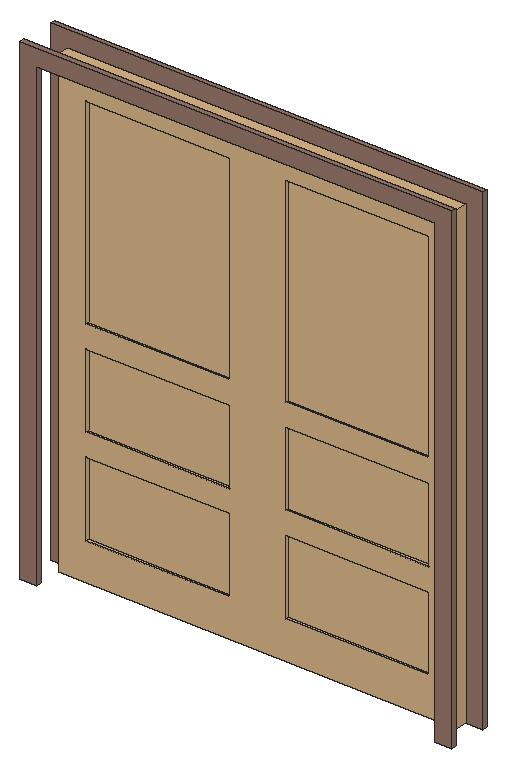
Revit family
Parameters (values of type "1830 x 2134mm")
  Thickness = 51.00 mm
  문 재료 = 문 - 패널
  프레임 재료 = 문 - 프레임
  Height = 2134.00 mm
  난간 폭-중심 = 102.00 mm
  상단 패널 = 915.00 mm
  자르기 투영 외부 = 25.00 mm
  자르기 투영 내부 = 25.00 mm
  자르기 폭 = 76.00 mm
  Wall Closure = (empty or 0)
  Width = 1830.00 mm
Types (5, lengths in mm): name | Height | Width
  1830 x 1981mm | 1981.00 | 1830.00
  1830 x 2083mm | 2083.00 | 1830.00
  1730 x 2032mm | 2032.00 | 1730.00
  1830 x 2134mm | 2134.00 | 1830.00
  1730 x 2134mm | 2134.00 | 1730.00
Reference planes
  plane 1: y = 0
  plane 2: z = 0
  plane 3 "중심": x = 0
  plane 4 "왼쪽": x = -915
  plane 5 "오른쪽": x = 915
  plane 6 "상단": z = 2134
  plane 7: z = 1981.6
  plane 8: z = 1066.6
  plane 9: z = 964.6
  plane 10: z = 620.8
  plane 11: z = 518.8
  plane 12: z = 175
  plane 13: x = 788
  plane 14: x = 127
  plane 15: x = -127
  plane 16: x = -788
Forms (mm)
  Extrusion 1, solid, material "문 - 프레임" <- "프레임 재료"
    sketch origin (-2286, -76.2, 0) x (1, 0, 0) y (0, 0, 1)
      loop
        line (1371, 0) -> (1371, 2134) -> (3201, 2134) -> (3201, 0) -> (3277, 0) -> (3277, 2210) -> (1295, 2210) -> (1295, 0) -> (1371, 0)
    from 0 to 25
  Extrusion 2, solid, material "문 - 패널" <- "문 재료"
    sketch origin (-2286, 101.6, 0) x (-1, 0, 0) y (0, 0, 1)
      loop
        line (-3201, 2134) -> (-3201, 0) -> (-1371, 0) -> (-1371, 2134) -> (-3201, 2134)
      loop
        line (-3074, 1981.6) -> (-3074, 1066.6) -> (-2413, 1066.6) -> (-2413, 1981.6) -> (-3074, 1981.6)
      loop
        line (-2413, 620.8) -> (-2413, 964.6) -> (-3074, 964.6) -> (-3074, 620.8) -> (-2413, 620.8)
      loop
        line (-2413, 518.8) -> (-3074, 518.8) -> (-3074, 175) -> (-2413, 175) -> (-2413, 518.8)
      loop
        line (-1498, 1981.6) -> (-2159, 1981.6) -> (-2159, 1066.6) -> (-1498, 1066.6) -> (-1498, 1981.6)
      loop
        line (-2159, 964.6) -> (-2159, 620.8) -> (-1498, 620.8) -> (-1498, 964.6) -> (-2159, 964.6)
      loop
        line (-1498, 175) -> (-1498, 518.8) -> (-2159, 518.8) -> (-2159, 175) -> (-1498, 175)
    from -76.4 to -25.4
  Extrusion 3, solid, material "문 - 패널" <- "문 재료"
    sketch origin (-2286, 76.2, 0) x (-1, 0, 0) y (0, 0, 1)
      loop
        line (-3074, 1981.6) -> (-3074, 1066.6) -> (-2413, 1066.6) -> (-2413, 1981.6) -> (-3074, 1981.6)
      loop
        line (-2413, 620.8) -> (-2413, 964.6) -> (-3074, 964.6) -> (-3074, 620.8) -> (-2413, 620.8)
      loop
        line (-2413, 518.8) -> (-3074, 518.8) -> (-3074, 175) -> (-2413, 175) -> (-2413, 518.8)
      loop
        line (-1498, 1981.6) -> (-2159, 1981.6) -> (-2159, 1066.6) -> (-1498, 1066.6) -> (-1498, 1981.6)
      loop
        line (-2159, 964.6) -> (-2159, 620.8) -> (-1498, 620.8) -> (-1498, 964.6) -> (-2159, 964.6)
      loop
        line (-2159, 518.8) -> (-2159, 175) -> (-1498, 175) -> (-1498, 518.8) -> (-2159, 518.8)
    from -12.7 to -38.3
  Extrusion 4, solid, material "문 - 프레임" <- "프레임 재료"
    sketch origin (-1524, 76.2, 0) x (-1, 0, 0) y (0, 0, 1)
      loop
        line (-2515, 2210) -> (-2515, 0) -> (-2439, 0) -> (-2439, 2134) -> (-609, 2134) -> (-609, 0) -> (-533, 0) -> (-533, 2210) -> (-2515, 2210)
    from 0 to 25
Lines and regions (mm)
  Opening 1
    outline origin (-2286, -76.2, 0) x (1, 0, 0) y (0, 0, 1)
      loop
        line (1371, 0) -> (3201, 0) -> (3201, 2134) -> (1371, 2134) -> (1371, 0)
  symbolic lines, style "DoorsPanelProjection"
    curve 1: line (-915, 76.2, 0) -> (-864, 76.2, 0)
    curve 2: line (-915, 76.2, 0) -> (-915, 991.2, 0)
    curve 3: line (-915, 991.2, 0) -> (-864, 991.2, 0)
    curve 4: line (-864, 76.2, 0) -> (-864, 991.2, 0)
    curve 5: line (915, 76.2, 0) -> (864, 76.2, 0)
    curve 6: line (915, 76.2, 0) -> (915, 991.2, 0)
    curve 7: line (864, 991.2, 0) -> (915, 991.2, 0)
    curve 8: line (864, 76.2, 0) -> (864, 991.2, 0)
  symbolic lines, style "평면 스윙"
    curve 9: arc (0, 76.2, 0) -> (-267.997, 723.203, 0) -> (-915, 991.2, 0) r 915
    curve 10: arc (0, 76.2, 0) -> (267.997, 723.203, 0) -> (915, 991.2, 0) r 915
  model lines, style "DoorsPanelProjection"
    curve 11: line (0, 76.2, 2134) -> (0, 76.2, 0)
    curve 12: line (0, 25.2, 2134) -> (0, 25.2, 0)
  symbolic lines, style "입면도 스윙"
    curve 13: line (0, 0, 2134) -> (915, 0, 1067)
    curve 14: line (0, 0, 0) -> (915, 0, 1067)
    curve 15: line (0, 0, 0) -> (-915, 0, 1067)
    curve 16: line (-915, 0, 1067) -> (0, 0, 2134)
Text (mm)
  text "외부" at (-1490.41, 693.701, 0), in view "바닥 선"
  text "내부" at (-1482.03, -638.649, 0), in view "바닥 선"
  text "외부" at (0, 1019.848, 3124.603), in view "오른쪽"
  text "내부" at (0, -1635.541, 3124.603), in view "오른쪽"
  text "내부" at (0, -787.806, 3124.376), in view "왼쪽"
  text "외부" at (0, 1386.095, 3124.376), in view "왼쪽"
Dimensions and locks
  equal spacing: plane 4 "왼쪽", plane 3 "중심", plane 5 "오른쪽"  (x2)
  "Height": plane 2 to plane 6 "상단"
  "자르기 폭": Extrusion 1 sketch curve to plane 4 "왼쪽"
  "자르기 폭": Extrusion 1 sketch curve to plane 5 "오른쪽"
  "자르기 폭": Extrusion 1 sketch curve to plane 6 "상단"
  "자르기 투영 내부": Extrusion 1 to host wall
  "Thickness": curve 4 to curve 2
  "Thickness": curve 6 to curve 8
  locked: host wall to plane 12 at 175
  equal spacing: plane 12, plane 10, plane 8
  "상단 패널": plane 8 to plane 7
  plane 7 to plane 6 "상단" = 152.40 mm
  "난간 폭-중심": plane 9 to plane 8
  "난간 폭-중심": plane 11 to plane 10
  locked: plane 13 to plane 5 "오른쪽" at 127
  locked: plane 16 to plane 4 "왼쪽" at 127
  locked: plane 14 to plane 15 at 254
  "Thickness": Extrusion 2 to host wall
  locked: Extrusion 2 to Extrusion 3 at 12.7
  locked: host wall to Extrusion 3 at 12.7
  "자르기 투영 외부": Extrusion 4 to host wall
  "자르기 폭": Extrusion 4 sketch curve to plane 6 "상단"
  "자르기 폭": plane 4 "왼쪽" to Extrusion 4 sketch curve
  "자르기 폭": Extrusion 4 sketch curve to plane 5 "오른쪽"
  "Width": plane 4 "왼쪽" to plane 5 "오른쪽"
  equal spacing: level, curve 14, plane 6 "상단"
  equal spacing: level, curve 16, plane 6 "상단"
  aligned and locked: plane 4 "왼쪽" to Opening 1 sketch curve
  aligned and locked: plane 6 "상단" to Opening 1 sketch curve  (x2)
  aligned and locked: Opening 1 sketch curve to plane 5 "오른쪽"
  aligned and locked: Opening 1 sketch curve to level
  aligned and locked: plane 4 "왼쪽" to Extrusion 1 sketch curve
  aligned and locked: plane 6 "상단" to Extrusion 1 sketch curve  (x2)
  aligned and locked: plane 5 "오른쪽" to Extrusion 1 sketch curve  (x2)
  aligned and locked: level to Extrusion 1 sketch curve
  aligned and locked: Extrusion 1 sketch curve to level
  aligned and locked: plane 2 to Extrusion 1 sketch curve
  aligned and locked: Extrusion 1 to host wall
  aligned and locked: Extrusion 2 sketch curve to plane 4 "왼쪽"
  aligned and locked: plane 13 to Extrusion 2 sketch curve  (x2)
  aligned and locked: plane 7 to Extrusion 2 sketch curve
  aligned and locked: plane 8 to Extrusion 2 sketch curve  (x2)
  aligned and locked: plane 14 to Extrusion 2 sketch curve  (x3)
  aligned and locked: Extrusion 2 sketch curve to plane 10
  aligned and locked: plane 9 to Extrusion 2 sketch curve  (x2)
  aligned and locked: Extrusion 2 sketch curve to plane 13
  aligned and locked: Extrusion 2 sketch curve to plane 11
  aligned and locked: plane 12 to Extrusion 2 sketch curve
  aligned and locked: plane 16 to Extrusion 2 sketch curve  (x3)
  aligned and locked: Extrusion 2 sketch curve to plane 7
  aligned and locked: plane 15 to Extrusion 2 sketch curve  (x2)
  aligned and locked: plane 10 to Extrusion 2 sketch curve
  aligned and locked: Extrusion 2 sketch curve to plane 12
  aligned and locked: plane 11 to Extrusion 2 sketch curve
  aligned and locked: Extrusion 2 sketch curve to plane 15
  aligned and locked: plane 13 to Extrusion 3 sketch curve  (x2)
  aligned and locked: plane 7 to Extrusion 3 sketch curve
  aligned and locked: plane 8 to Extrusion 3 sketch curve  (x2)
  aligned and locked: plane 14 to Extrusion 3 sketch curve  (x3)
  aligned and locked: Extrusion 3 sketch curve to plane 10
  aligned and locked: Extrusion 3 sketch curve to Extrusion 2  (x2)
  aligned and locked: Extrusion 3 sketch curve to plane 11
  aligned and locked: plane 12 to Extrusion 3 sketch curve  (x2)
  aligned and locked: plane 16 to Extrusion 3 sketch curve  (x3)
  aligned and locked: Extrusion 3 sketch curve to plane 7
  aligned and locked: plane 15 to Extrusion 3 sketch curve  (x3)
  aligned and locked: plane 9 to Extrusion 3 sketch curve
  aligned and locked: plane 10 to Extrusion 3 sketch curve
  aligned and locked: plane 11 to Extrusion 3 sketch curve
  aligned and locked: curve 11 to curve 12
  aligned and locked: host wall to Extrusion 2
Automatic sketch dimensions
  Extrusion 2 sketch curve to plane 6 "상단" = 0.00 mm
  curve 3 to plane 4 "왼쪽" = 0.00 mm
  curve 9 to plane 3 "중심" = 0.00 mm
  curve 10 to plane 3 "중심" = 0.00 mm
  curve 5 to plane 5 "오른쪽" = 0.00 mm
  curve 1 to curve 9 = 0.00 mm
  curve 6 to curve 10 = 0.00 mm
  Extrusion 2 sketch curve to level = 0.00 mm
  Extrusion 2 sketch curve to plane 5 "오른쪽" = 0.00 mm
  Extrusion 4 sketch curve to level = 0.00 mm  (x2)
  Extrusion 4 sketch curve to plane 6 "상단" = 0.00 mm
  Extrusion 4 sketch curve to plane 5 "오른쪽" = 0.00 mm
  Extrusion 4 sketch curve to plane 4 "왼쪽" = 0.00 mm
  curve 1 to host wall = 0.00 mm
  curve 11 to plane 3 "중심" = 0.00 mm
  curve 11 to plane 6 "상단" = 0.00 mm
  curve 16 to plane 3 "중심" = 0.00 mm
  curve 16 to plane 6 "상단" = 0.00 mm
  curve 12 to plane 6 "상단" = 0.00 mm
  curve 15 to plane 4 "왼쪽" = 0.00 mm
  curve 14 to plane 5 "오른쪽" = 0.00 mm
  curve 15 to level = 0.00 mm
  curve 11 to level = 0.00 mm
  curve 12 to level = 0.00 mm
  curve 14 to plane 3 "중심" = 0.00 mm
